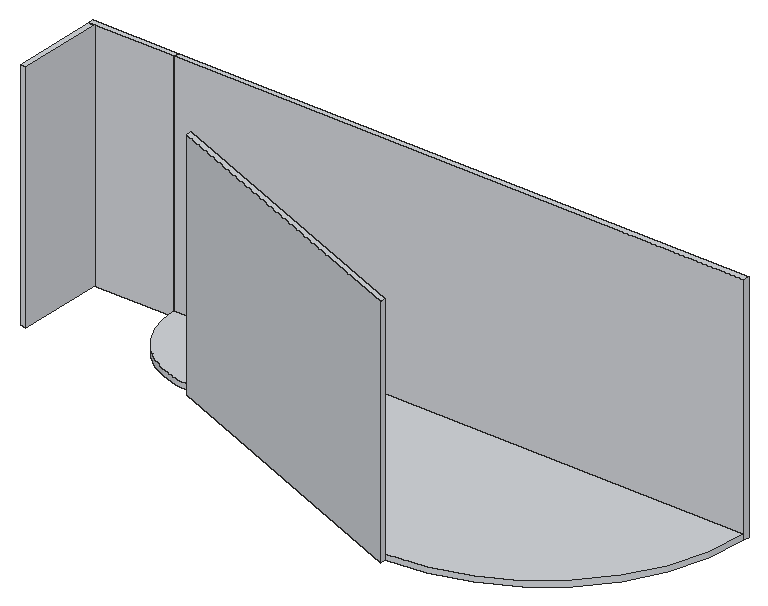
Revit family
Parameters
  sc2 = if(apri, p1, sp)  # 300 mm
  pc1 = if(apri, sp, p1 + 2 * sp)  # 20 mm
  p2 = 700 mm
  r2 = p2 / sqrt(2)  # 494.975 mm
  r1 = p1 / sqrt(2)  # 212.132 mm
  p1 = 300 mm
  sp = 20 mm
  ld2 = if(apri, 0 mm, sp)  # 0 mm
  lc2 = if(apri, sp, p1)  # 20 mm
  lc1 = if(apri, p1, sp)  # 300 mm
  l = 1000 mm
  h = 800 mm
  dc2 = if(apri, 0 mm, pc1 - 2 * sp)  # 0 mm
  apri2 = no
  apri = yes
  0 = 0 mm
Reference planes
  plane 1 "Center (Front/Back)": y = 0
  plane 2 "sotto": z = 0
  plane 3 "Center (Left/Right)": x = 0
  plane 4: x = -300
  plane 5: y = -300
  plane 6: x = -212.132
  plane 7: y = -212.132
  plane 8 "sp base": z = 20
  plane 9: x = 1000
  plane 10: x = 1700
  plane 11: y = -700
  plane 12: x = 1494.975
  plane 13: y = -494.975
  plane 14: x = -600
  plane 15: x = 1700
  plane 16: y = 20
  plane 17: x = 1720
  plane 18: y = -300
  plane 19: y = -320
  plane 20: z = 820
  plane 21: y = -700
  plane 22: y = -720
  plane 23: y = 0
  plane 24: x = -600
  plane 25: x = -580
  plane 26: y = 0
  plane 27: y = -300
Forms (mm)
  Extrusion 1, solid
    sketch origin (0, 0, 0) x (1, 0, 0) y (0, 1, 0)
      loop
        arc (-300, 0) -> (-212.132, -212.132) -> (0, -300) r 300
        line (0, -300) -> (1000, -700)
        arc (1000, -700) -> (1494.975, -494.975) -> (1700, 0) r 700
        line (1700, 0) -> (-300, 0)
    from 0 to 20
  Extrusion 2, solid
    sketch origin (0, 0, 0) x (1, 0, 0) y (0, 1, 0)
      loop
        line (-300, 20) -> (-300, 0) -> (1700, 0) -> (1700, 20) -> (-300, 20)
    from 0 to 820
  Extrusion 3, solid
    sketch origin (0, 0, 0) x (1, 0, 0) y (0, 1, 0)
      loop
        line (0, -300) -> (0, -320) -> (1000, -720) -> (1000, -700) -> (0, -300)
    from 0 to 820
  Extrusion 4, solid
    sketch origin (0, 0, 0) x (1, 0, 0) y (0, 1, 0)
      loop
        line (-600, 20) -> (-600, 0) -> (-300, 0) -> (-300, 20) -> (-600, 20)
    from 0 to 820
  Extrusion 5, solid
    sketch origin (0, 0, 0) x (1, 0, 0) y (0, 1, 0)
      loop
        line (-600, 0) -> (-600, -300) -> (-580, -300) -> (-580, 0) -> (-600, 0)
    from 0 to 820
Lines and regions (mm)
  reference lines
    curve 1: line (-212.132, -212.132, 0) -> (0, 0, 0)
    curve 2: line (1700, 0, 0) -> (-300, 0, 0)
    curve 3: line (0, 0, 0) -> (0, -300, 0)
    curve 4: arc (-300, 0, 0) -> (-212.132, -212.132, 0) -> (0, -300, 0) r 300
    curve 5: line (0, -300, 0) -> (1000, -700, 0)
    curve 6: line (1000, 0, 0) -> (1494.975, -494.975, 0)
    curve 7: arc (1000, -700, 0) -> (1494.975, -494.975, 0) -> (1700, 0, 0) r 700
    curve 8: line (0, -320, 0) -> (1000, -720, 0)
Dimensions and locks
  "0": curve 1 to plane 1 "Center (Front/Back)"
  "0": curve 1 to plane 3 "Center (Left/Right)"
  "0": plane 6 to curve 1
  "0": curve 1 to plane 7
  "r1": plane 6 to plane 3 "Center (Left/Right)"
  "r1": plane 1 "Center (Front/Back)" to plane 7
  "p1": plane 4 to plane 3 "Center (Left/Right)"
  "p1": plane 1 "Center (Front/Back)" to plane 5
  "sp": plane 8 "sp base" to plane 2 "sotto"
  "0": curve 5 to plane 9
  "0": plane 3 "Center (Left/Right)" to curve 5
  "0": plane 5 to curve 5
  "0": plane 11 to curve 5
  "0": plane 9 to curve 6
  "0": curve 6 to plane 13
  "0": plane 1 "Center (Front/Back)" to curve 6
  "0": plane 12 to curve 6
  "p2": plane 9 to plane 10
  "p2": plane 11 to plane 1 "Center (Front/Back)"
  "r2": plane 9 to plane 12
  "r2": plane 1 "Center (Front/Back)" to plane 13
  "l": plane 3 "Center (Left/Right)" to plane 9
  "sp": plane 16 to plane 1 "Center (Front/Back)"
  "sp": plane 15 to plane 17
  "sp": plane 18 to plane 19
  "h": plane 20 to plane 8 "sp base"
  "sp": plane 21 to plane 22
  "0": plane 3 "Center (Left/Right)" to curve 8
  "0": plane 19 to curve 8
  "0": plane 22 to curve 8
  "0": curve 8 to plane 9
  "lc1": plane 14 to plane 4
  "pc1": plane 16 to plane 23
  "ld2": plane 14 to plane 24
  "dc2": plane 1 "Center (Front/Back)" to plane 26
  "sc2": plane 26 to plane 27
  "lc2": plane 24 to plane 25
  aligned and locked: level to plane 2 "sotto"
  aligned and locked: plane 4 to curve 2
  aligned and locked: Extrusion 1 sketch curve to curve 4
  aligned and locked: Extrusion 1 to plane 8 "sp base"
  aligned and locked: plane 10 to curve 2
  aligned and locked: Extrusion 1 sketch curve to curve 2
  aligned and locked: Extrusion 1 sketch curve to curve 7
  aligned and locked: Extrusion 1 sketch curve to curve 5
  aligned and locked: plane 15 to plane 10
  aligned and locked: plane 18 to plane 5
  aligned and locked: Extrusion 2 sketch curve to plane 1 "Center (Front/Back)"
  aligned and locked: Extrusion 2 sketch curve to plane 16
  aligned and locked: plane 20 to Extrusion 2
  aligned and locked: plane 4 to Extrusion 2 sketch curve
  aligned and locked: Extrusion 2 sketch curve to plane 15
  aligned and locked: plane 11 to plane 21
  aligned and locked: plane 19 to Extrusion 3 sketch curve
  aligned and locked: Extrusion 3 sketch curve to plane 3 "Center (Left/Right)"
  aligned and locked: plane 21 to Extrusion 3 sketch curve
  aligned and locked: plane 22 to Extrusion 3 sketch curve
  aligned and locked: plane 9 to Extrusion 3 sketch curve
  aligned and locked: Extrusion 3 sketch curve to Extrusion 1
  aligned and locked: Extrusion 3 sketch curve to curve 8
  aligned and locked: plane 20 to Extrusion 3
  aligned and locked: plane 23 to Extrusion 4 sketch curve
  aligned and locked: Extrusion 4 sketch curve to plane 16
  aligned and locked: Extrusion 4 sketch curve to plane 4
  aligned and locked: plane 14 to Extrusion 4 sketch curve
  aligned and locked: plane 20 to Extrusion 4
  aligned and locked: Extrusion 5 sketch curve to plane 25
  aligned and locked: plane 24 to Extrusion 5 sketch curve
  aligned and locked: Extrusion 5 sketch curve to plane 26
  aligned and locked: plane 27 to Extrusion 5 sketch curve
  aligned and locked: plane 20 to Extrusion 5
